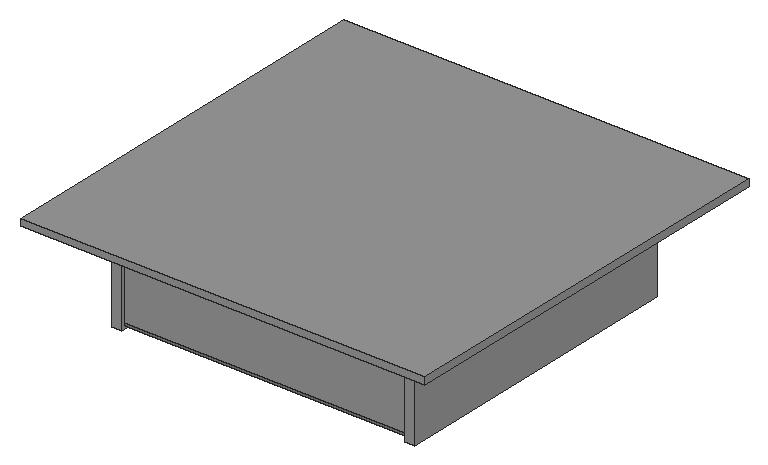
Revit family "Berica 2.0 M", category Lighting Fixtures, Revit 2020 (continued)
Definition of nested family "Light Source Berica 2.0"
  Types (4, lengths in mm): name | Photometric Web File | built-in parameter 1150142
      48.58 47.57 46.46 45.66 44.86 \r\n44.21 43.56 43.04 42.51 42.13 41.77 41.40 41.07 40.74 \r\n40.41 39.97 39.55 39.10 38.74 38.27 37.99 37.83 37.99 \r\n38.27 38.74 39.10 39.55 39.97 40.41 40.74 41.07 41.40 \r\n41.77 42.13 42.51 43.04 43.56 44.21 44.86 45.66 46.46 \r\n47.57 48.58 49.92 51.12 52.79 54.44 56.24 58.39 60.82 \r\n63.86 66.92 70.50 74.21 78.34 82.58 87.37 91.86 96.57 \r\n101.51 106.94 111.82 116.89 121.32 126.05 129.85 133.04 \r\n136.10 138.77 141.15 142.86 144.38 145.41 146.10 146.39 \r\n146.42 146.14 145.67 145.04 144.27 143.33 142.22 140.68 \r\n139.51 138.20 136.79 135.38 134.07 132.58 131.33 129.86 \r\n128.57 127.22 125.99 124.74 123.68 122.66 121.74 120.96 \r\n120.23 119.66 119.04 118.59 118.23 117.83 117.58 117.36 \r\n117.13 116.92 116.72 116.66 116.69 \r\n116.69 116.65 116.72 116.84 117.00 117.21 117.44 117.62 \r\n117.91 118.22 118.61 119.07 119.55 120.12 120.80 121.60 \r\n122.43 123.33 124.27 125.40 126.44 127.59 128.69 129.94 \r\n131.17 132.39 133.66 134.92 136.12 137.18 138.68 139.75 \r\n140.68 141.51 142.25 142.81 143.25 143.43 143.44 143.19 \r\n142.55 141.58 140.11 138.39 136.23 133.59 130.59 127.27 \r\n123.62 119.42 115.04 110.16 105.27 100.36 95.60 90.65 \r\n86.27 81.84 77.48 73.36 69.78 66.15 62.98 60.04 57.27 \r\n55.07 53.11 51.43 49.76 48.34 47.04 45.93 44.86 43.93 \r\n43.13 42.35 41.68 41.10 40.56 40.12 39.70 39.34 38.95 \r\n38.53 38.12 37.66 37.22 36.78 36.36 36.00 35.89 36.00 \r\n36.36 36.78 37.22 37.66 38.12 38.53 38.95 39.34 39.70 \r\n40.12 40.56 41.10 41.68 42.35 43.13 43.93 44.86 45.93 \r\n47.04 48.34 49.76 51.43 53.11 55.07 57.27 60.04 62.98 \r\n66.15 69.78 73.36 77.48 81.84 86.27 90.65 95.60 100.36 \r\n105.27 110.16 115.04 119.42 123.62 127.27 130.59 133.59 \r\n136.23 138.39 140.11 141.58 142.55 143.19 143.44 143.43 \r\n143.25 142.81 142.25 141.51 140.68 139.75 138.68 137.18 \r\n136.12 134.92 133.66 132.39 131.17 129.94 128.69 127.59 \r\n126.44 125.40 124.27 123.33 122.43 121.60 120.80 120.12 \r\n119.55 119.07 118.61 118.22 117.91 117.62 117.44 117.21 \r\n117.00 116.84 116.72 116.65 116.69 \r\n116.69 116.64 116.69 116.83 116.95 117.11 117.26 117.43 \r\n117.59 117.84 118.19 118.56 118.87 119.31 119.85 120.49 \r\n121.15 121.83 122.64 123.35 124.26 125.05 126.03 127.08 \r\n128.13 129.11 130.19 131.22 132.29 133.34 134.70 135.60 \r\n136.44 137.31 138.07 138.71 139.22 139.65 139.89 139.87 \r\n139.63 139.01 138.13 136.94 135.18 133.04 130.63 127.86 \r\n124.56 121.39 117.20 113.02 108.41 103.79 98.77 94.50 \r\n89.62 85.41 80.89 76.73 72.69 68.87 65.42 62.04 59.07 \r\n56.36 53.75 51.79 49.95 48.29 46.75 45.23 44.00 42.87 \r\n41.90 40.94 40.20 39.51 38.85 38.26 37.81 37.30 36.89 \r\n36.42 35.95 35.50 34.99 34.56 34.14 33.76 33.59 33.76 \r\n34.14 34.56 34.99 35.50 35.95 36.42 36.89 37.30 37.81 \r\n38.26 38.85 39.51 40.20 40.94 41.90 42.87 44.00 45.23 \r\n46.75 48.29 49.95 51.79 53.75 56.36 59.07 62.04 65.42 \r\n68.87 72.69 76.73 80.89 85.41 89.62 94.50 98.77 103.79 \r\n108.41 113.02 117.20 121.39 124.56 127.86 130.63 133.04 \r\n135.18 136.94 138.13 139.01 139.63 139.87 139.89 139.65 \r\n139.22 138.71 138.07 137.31 136.44 135.60 134.70 133.34 \r\n132.29 131.22 130.19 129.11 128.13 127.08 126.03 125.05 \r\n124.26 123.35 122.64 121.83 121.15 120.49 119.85 119.31 \r\n118.87 118.56 118.19 117.84 117.59 117.43 117.26 117.11 \r\n116.95 116.83 116.69 116.64 116.69 \r\n116.69 116.61 116.66 116.74 116.79 116.85 116.97 117.12 \r\n117.19 117.36 117.60 117.87 118.11 118.42 118.82 119.22 \r\n119.73 120.16 120.62 121.18 121.79 122.42 123.10 123.82 \r\n124.68 125.47 126.29 127.15 127.99 128.80 130.04 130.85 \r\n131.67 132.42 133.07 133.74 134.30 134.72 135.01 135.15 \r\n135.12 134.83 134.28 133.54 132.48 130.93 129.24 127.25 \r\n124.55 121.75 118.47 114.74 110.68 106.48 102.17 97.92 \r\n93.21 88.84 84.54 80.26 76.00 71.90 68.06 64.70 61.28 \r\n58.24 55.27 52.70 50.44 48.31 46.44 44.87 43.33 41.90 \r\n40.70 39.54 38.62 37.70 36.93 36.30 35.63 35.05 34.56 \r\n34.01 33.55 33.05 32.54 32.06 31.57 31.22 31.04 31.22 \r\n31.57 32.06 32.54 33.05 33.55 34.01 34.56 35.05 35.63 \r\n36.30 36.93 37.70 38.62 39.54 40.70 41.90 43.33 44.87 \r\n46.44 48.31 50.44 52.70 55.27 58.24 61.28 64.70 68.06 \r\n71.90 76.00 80.26 84.54 88.84 93.21 97.92 102.17 106.48 \r\n110.68 114.74 118.47 121.75 124.55 127.25 129.24 130.93 \r\n132.48 133.54 134.28 134.83 135.12 135.15 135.01 134.72 \r\n134.30 133.74 133.07 132.42 131.67 130.85 130.04 128.80 \r\n127.99 127.15 126.29 125.47 124.68 123.82 123.10 122.42 \r\n121.79 121.18 120.62 120.16 119.73 119.22 118.82 118.42 \r\n118.11 117.87 117.60 117.36 117.19 117.12 116.97 116.85 \r\n116.79 116.74 116.66 116.61 116.69 \r\n116.69 116.67 116.68 116.75 116.78 116.79 116.85 116.91 \r\n116.98 117.03 117.19 117.33 117.53 117.71 117.93 118.17 \r\n118.36 118.66 118.91 119.15 119.52 119.90 120.35 120.81 \r\n121.34 121.83 122.41 122.91 123.57 124.18 125.24 125.86 \r\n126.49 126.95 127.42 127.86 128.31 128.69 128.98 129.15 \r\n129.15 129.07 128.82 128.38 127.71 126.75 125.54 124.03 \r\n122.19 119.89 117.43 114.68 111.18 107.75 103.52 99.89 \r\n95.47 91.47 87.28 83.13 78.71 74.85 70.81 66.99 63.64 \r\n60.09 57.09 54.02 51.36 48.58 46.47 44.30 42.69 40.91 \r\n39.45 38.09 36.90 35.80 34.83 34.00 33.22 32.45 31.85 \r\n31.35 30.78 30.30 29.73 29.25 28.75 28.36 28.25 28.36 \r\n28.75 29.25 29.73 30.30 30.78 31.35 31.85 32.45 33.22 \r\n34.00 34.83 35.80 36.90 38.09 39.45 40.91 42.69 44.30 \r\n46.47 48.58 51.36 54.02 57.09 60.09 63.64 66.99 70.81 \r\n74.85 78.71 83.13 87.28 91.47 95.47 99.89 103.52 107.75 \r\n111.18 114.68 117.43 119.89 122.19 124.03 125.54 126.75 \r\n127.71 128.38 128.82 129.07 129.15 129.15 128.98 128.69 \r\n128.31 127.86 127.42 126.95 126.49 125.86 125.24 124.18 \r\n123.57 122.91 122.41 121.83 121.34 120.81 120.35 119.90 \r\n119.52 119.15 118.91 118.66 118.36 118.17 117.93 117.71 \r\n117.53 117.33 117.19 117.03 116.98 116.91 116.85 116.79 \r\n116.78 116.75 116.68 116.67 116.69 \r\n116.69 116.67 116.64 116.65 116.64 116.60 116.58 116.63 \r\n116.62 116.66 116.70 116.75 116.83 116.83 116.89 116.98 \r\n117.06 117.12 117.14 117.17 117.23 117.41 117.60 117.73 \r\n117.91 118.11 118.32 118.65 118.92 119.24 119.93 120.24 \r\n120.53 120.82 121.10 121.34 121.59 121.72 121.87 121.92 \r\n121.89 121.81 121.63 121.39 120.86 120.19 119.30 118.29 \r\n116.98 115.36 113.36 111.18 108.69 105.63 102.81 99.08 \r\n95.70 91.84 88.06 84.03 80.27 76.47 72.47 68.55 65.03 \r\n61.67 58.12 55.10 52.01 49.28 46.39 44.08 41.68 39.84 \r\n38.09 36.49 35.04 33.69 32.48 31.46 30.51 29.73 29.07 \r\n28.39 27.80 27.13 26.60 26.09 25.54 25.18 25.03 25.18 \r\n25.54 26.09 26.60 27.13 27.80 28.39 29.07 29.73 30.51 \r\n31.46 32.48 33.69 35.04 36.49 38.09 39.84 41.68 44.08 \r\n46.39 49.28 52.01 55.10 58.12 61.67 65.03 68.55 72.47 \r\n76.47 80.27 84.03 88.06 91.84 95.70 99.08 102.81 105.63 \r\n108.69 111.18 113.36 115.36 116.98 118.29 119.30 120.19 \r\n120.86 121.39 121.63 121.81 121.89 121.92 121.87 121.72 \r\n121.59 121.34 121.10 120.82 120.53 120.24 119.93 119.24 \r\n118.92 118.65 118.32 118.11 117.91 117.73 117.60 117.41 \r\n117.23 117.17 117.14 117.12 117.06 116.98 116.89 116.83 \r\n116.83 116.75 116.70 116.66 116.62 116.63 116.58 116.60 \r\n116.64 116.65 116.64 116.67 116.69 \r\n116.69 116.70 116.70 116.68 116.64 116.53 116.44 116.40 \r\n116.41 116.38 116.35 116.27 116.20 116.10 115.99 115.94 \r\n115.85 115.72 115.63 115.47 115.36 115.24 115.15 114.97 \r\n114.81 114.74 114.70 114.69 114.62 114.55 114.78 114.73 \r\n114.67 114.66 114.66 114.55 114.46 114.34 114.23 114.07 \r\n113.85 113.62 113.35 112.94 112.41 111.80 111.05 110.13 \r\n109.00 107.86 106.29 104.60 102.55 100.43 97.90 95.03 \r\n92.20 89.24 85.87 82.40 78.98 75.49 72.03 68.54 64.98 \r\n61.53 58.31 54.99 52.05 49.04 46.25 43.52 41.14 38.61 \r\n36.49 34.74 33.01 31.39 30.04 28.76 27.71 26.72 25.89 \r\n25.10 24.38 23.77 23.12 22.62 22.08 21.70 21.50 21.70 \r\n22.08 22.62 23.12 23.77 24.38 25.10 25.89 26.72 27.71 \r\n28.76 30.04 31.39 33.01 34.74 36.49 38.61 41.14 43.52 \r\n46.25 49.04 52.05 54.99 58.31 61.53 64.98 68.54 72.03 \r\n75.49 78.98 82.40 85.87 89.24 92.20 95.03 97.90 100.43 \r\n102.55 104.60 106.29 107.86 109.00 110.13 111.05 111.80 \r\n112.41 112.94 113.35 113.62 113.85 114.07 114.23 114.34 \r\n114.46 114.55 114.66 114.66 114.67 114.73 114.78 114.55 \r\n114.62 114.69 114.70 114.74 114.81 114.97 115.15 115.24 \r\n115.36 115.47 115.63 115.72 115.85 115.94 115.99 116.10 \r\n116.20 116.27 116.35 116.38 116.41 116.40 116.44 116.53 \r\n116.64 116.68 116.70 116.70 116.69 \r\n116.69 116.65 116.63 116.60 116.50 116.38 116.22 116.12 \r\n115.99 115.95 115.88 115.73 115.54 115.34 115.07 114.89 \r\n114.73 114.46 114.19 113.88 113.51 113.19 112.88 112.51 \r\n112.15 111.75 111.33 110.97 110.50 110.05 109.93 109.52 \r\n109.11 108.73 108.27 107.86 107.41 106.98 106.51 106.00 \r\n105.56 104.99 104.38 103.74 102.97 102.23 101.45 100.50 \r\n99.42 98.16 96.75 95.22 93.56 91.69 89.86 87.55 85.28 \r\n82.73 80.13 77.50 74.44 71.51 68.47 65.24 62.30 59.42 \r\n56.20 53.21 50.21 47.49 44.55 42.01 39.38 37.07 34.78 \r\n32.68 30.77 28.87 27.21 25.94 24.64 23.47 22.50 21.59 \r\n20.92 20.13 19.46 18.85 18.35 17.95 17.80 17.95 18.35 \r\n18.85 19.46 20.13 20.92 21.59 22.50 23.47 24.64 25.94 \r\n27.21 28.87 30.77 32.68 34.78 37.07 39.38 42.01 44.55 \r\n47.49 50.21 53.21 56.20 59.42 62.30 65.24 68.47 71.51 \r\n74.44 77.50 80.13 82.73 85.28 87.55 89.86 91.69 93.56 \r\n95.22 96.75 98.16 99.42 100.50 101.45 102.23 102.97 \r\n103.74 104.38 104.99 105.56 106.00 106.51 106.98 107.41 \r\n107.86 108.27 108.73 109.11 109.52 109.93 110.05 110.50 \r\n110.97 111.33 111.75 112.15 112.51 112.88 113.19 113.51 \r\n113.88 114.19 114.46 114.73 114.89 115.07 115.34 115.54 \r\n115.73 115.88 115.95 115.99 116.12 116.22 116.38 116.50 \r\n116.60 116.63 116.65 116.69 \r\n116.69 116.66 116.70 116.67 116.53 116.33 116.12 115.97 \r\n115.82 115.69 115.49 115.31 115.06 114.76 114.42 114.07 \r\n113.80 113.46 113.03 112.59 112.06 111.48 110.97 110.35 \r\n109.78 109.24 108.56 107.95 107.15 106.45 106.00 105.20 \r\n104.51 103.72 102.96 102.20 101.39 100.52 99.67 98.69 \r\n97.77 96.80 95.79 94.82 93.84 92.67 91.59 90.36 89.06 \r\n87.70 86.18 84.74 83.05 81.25 79.41 77.49 75.42 73.45 \r\n71.13 68.91 66.48 63.92 61.53 58.94 56.38 53.86 51.19 \r\n48.71 46.15 43.52 41.05 38.55 36.27 34.06 31.87 29.86 \r\n27.94 26.00 24.38 22.76 21.40 20.10 19.03 18.05 17.19 \r\n16.35 15.57 14.95 14.39 13.99 13.88 13.99 14.39 14.95 \r\n15.57 16.35 17.19 18.05 19.03 20.10 21.40 22.76 24.38 \r\n26.00 27.94 29.86 31.87 34.06 36.27 38.55 41.05 43.52 \r\n46.15 48.71 51.19 53.86 56.38 58.94 61.53 63.92 66.48 \r\n68.91 71.13 73.45 75.42 77.49 79.41 81.25 83.05 84.74 \r\n86.18 87.70 89.06 90.36 91.59 92.67 93.84 94.82 95.79 \r\n96.80 97.77 98.69 99.67 100.52 101.39 102.20 102.96 \r\n103.72 104.51 105.20 106.00 106.45 107.15 107.95 108.56 \r\n109.24 109.78 110.35 110.97 111.48 112.06 112.59 113.03 \r\n113.46 113.80 114.07 114.42 114.76 115.06 115.31 115.49 \r\n115.69 115.82 115.97 116.12 116.33 116.53 116.67 116.70 \r\n116.66 116.69 \r\n116.69 116.65 116.64 116.56 116.47 116.21 115.95 115.75 \r\n115.52 115.33 115.05 114.83 114.52 114.16 113.67 113.29 \r\n112.91 112.45 111.98 111.42 110.84 110.12 109.43 108.73 \r\n107.98 107.18 106.36 105.50 104.50 103.53 102.78 101.87 \r\n100.88 99.79 98.73 97.75 96.53 95.42 94.14 92.87 91.55 \r\n90.14 88.72 87.37 85.91 84.40 83.03 81.28 79.82 78.07 \r\n76.35 74.53 72.79 70.81 69.01 66.97 65.10 63.05 61.00 \r\n58.85 56.75 54.69 52.47 50.21 47.97 45.84 43.71 41.62 \r\n39.53 37.45 35.32 33.35 31.45 29.48 27.61 25.75 24.11 \r\n22.33 20.83 19.29 18.00 16.71 15.53 14.47 13.51 12.56 \r\n11.81 11.04 10.42 10.03 9.85 10.03 10.42 11.04 11.81 \r\n12.56 13.51 14.47 15.53 16.71 18.00 19.29 20.83 22.33 \r\n24.11 25.75 27.61 29.48 31.45 33.35 35.32 37.45 39.53 \r\n41.62 43.71 45.84 47.97 50.21 52.47 54.69 56.75 58.85 \r\n61.00 63.05 65.10 66.97 69.01 70.81 72.79 74.53 76.35 \r\n78.07 79.82 81.28 83.03 84.40 85.91 87.37 88.72 90.14 \r\n91.55 92.87 94.14 95.42 96.53 97.75 98.73 99.79 100.88 \r\n101.87 102.78 103.53 104.50 105.50 106.36 107.18 107.98 \r\n108.73 109.43 110.12 110.84 111.42 111.98 112.45 112.91 \r\n113.29 113.67 114.16 114.52 114.83 115.05 115.33 115.52 \r\n115.75 115.95 116.21 116.47 116.56 116.64 116.65 116.69 \r\n116.69 116.66 116.67 116.64 116.48 116.23 115.94 115.67 \r\n115.40 115.14 114.89 114.58 114.14 113.78 113.28 112.79 \r\n112.23 111.74 111.14 110.51 109.78 109.08 108.32 107.50 \r\n106.67 105.77 104.81 103.71 102.76 101.53 100.66 99.46 \r\n98.31 97.11 95.83 94.45 93.18 91.80 90.23 88.72 86.98 \r\n85.56 83.71 82.03 80.19 78.39 76.56 74.84 72.70 70.91 \r\n68.78 66.76 64.74 62.66 60.62 58.59 56.56 54.33 52.26 \r\n50.11 48.19 45.90 43.96 41.89 39.93 37.99 36.25 34.27 \r\n32.46 30.60 28.84 27.26 25.54 24.10 22.52 21.00 19.49 \r\n18.15 16.69 15.50 14.06 13.01 11.89 10.87 9.87 8.98 8.09 \r\n7.29 6.60 6.10 5.98 6.10 6.60 7.29 8.09 8.98 9.87 10.87 \r\n11.89 13.01 14.06 15.50 16.69 18.15 19.49 21.00 22.52 \r\n24.10 25.54 27.26 28.84 30.60 32.46 34.27 36.25 37.99 \r\n39.93 41.89 43.96 45.90 48.19 50.11 52.26 54.33 56.56 \r\n58.59 60.62 62.66 64.74 66.76 68.78 70.91 72.70 74.84 \r\n76.56 78.39 80.19 82.03 83.71 85.56 86.98 88.72 90.23 \r\n91.80 93.18 94.45 95.83 97.11 98.31 99.46 100.66 101.53 \r\n102.76 103.71 104.81 105.77 106.67 107.50 108.32 109.08 \r\n109.78 110.51 111.14 111.74 112.23 112.79 113.28 113.78 \r\n114.14 114.58 114.89 115.14 115.40 115.67 115.94 116.23 \r\n116.48 116.64 116.67 116.66 116.69 \r\n116.69 116.66 116.67 116.58 116.39 116.20 115.88 115.61 \r\n115.32 115.03 114.72 114.36 113.94 113.44 113.01 112.46 \r\n111.93 111.35 110.73 109.99 109.18 108.38 107.61 106.70 \r\n105.74 104.75 103.71 102.69 101.42 100.23 99.17 97.92 \r\n96.61 95.33 93.94 92.50 91.00 89.41 87.85 86.00 84.34 \r\n82.67 80.79 78.86 76.99 74.79 72.89 70.75 68.72 66.50 \r\n64.25 61.99 59.94 57.56 55.48 53.20 50.95 48.87 46.48 \r\n44.52 42.41 40.28 38.19 36.31 34.18 32.53 30.54 28.86 \r\n27.07 25.33 23.76 22.25 20.75 19.32 17.95 16.53 15.29 \r\n13.89 12.75 11.60 10.51 9.38 8.41 7.40 6.51 5.59 4.72 \r\n3.94 3.22 2.73 2.56 2.73 3.22 3.94 4.72 5.59 6.51 7.40 \r\n8.41 9.38 10.51 11.60 12.75 13.89 15.29 16.53 17.95 19.32 \r\n20.75 22.25 23.76 25.33 27.07 28.86 30.54 32.53 34.18 \r\n36.31 38.19 40.28 42.41 44.52 46.48 48.87 50.95 53.20 \r\n55.48 57.56 59.94 61.99 64.25 66.50 68.72 70.75 72.89 \r\n74.79 76.99 78.86 80.79 82.67 84.34 86.00 87.85 89.41 \r\n91.00 92.50 93.94 95.33 96.61 97.92 99.17 100.23 101.42 \r\n102.69 103.71 104.75 105.74 106.70 107.61 108.38 109.18 \r\n109.99 110.73 111.35 111.93 112.46 113.01 113.44 113.94 \r\n114.36 114.72 115.03 115.32 115.61 115.88 116.20 116.39 \r\n116.58 116.67 116.66 116.69 \r\n116.69 116.69 116.73 116.65 116.53 116.31 116.02 115.68 \r\n115.39 115.13 114.82 114.43 114.05 113.55 113.00 112.45 \r\n111.98 111.38 110.74 110.03 109.15 108.27 107.39 106.63 \r\n105.60 104.64 103.50 102.38 101.19 99.98 98.78 97.44 \r\n96.08 94.67 93.38 91.80 90.25 88.56 86.85 85.06 83.34 \r\n81.37 79.59 77.55 75.54 73.33 71.26 69.10 66.87 64.69 \r\n62.41 60.11 57.62 55.31 52.93 50.84 48.40 46.14 43.94 \r\n41.75 39.51 37.39 35.27 33.32 31.17 29.44 27.70 25.86 \r\n24.16 22.45 20.82 19.26 17.79 16.32 15.08 13.67 12.46 \r\n11.15 10.09 8.85 7.88 6.82 5.91 4.97 4.09 3.26 2.46 1.71 \r\n1.08 0.60 0.46 0.60 1.08 1.71 2.46 3.26 4.09 4.97 5.91 \r\n6.82 7.88 8.85 10.09 11.15 12.46 13.67 15.08 16.32 17.79 \r\n19.26 20.82 22.45 24.16 25.86 27.70 29.44 31.17 33.32 \r\n35.27 37.39 39.51 41.75 43.94 46.14 48.40 50.84 52.93 \r\n55.31 57.62 60.11 62.41 64.69 66.87 69.10 71.26 73.33 \r\n75.54 77.55 79.59 81.37 83.34 85.06 86.85 88.56 90.25 \r\n91.80 93.38 94.67 96.08 97.44 98.78 99.98 101.19 102.38 \r\n103.50 104.64 105.60 106.63 107.39 108.27 109.15 110.03 \r\n110.74 111.38 111.98 112.45 113.00 113.55 114.05 114.43 \r\n114.82 115.13 115.39 115.68 116.02 116.31 116.53 116.65 \r\n116.73 116.69 116.69 \r\n116.69 116.68 116.66 116.58 116.45 116.17 115.93 115.59 \r\n115.26 114.94 114.61 114.34 113.81 113.36 112.73 112.25 \r\n111.72 111.09 110.47 109.79 108.93 108.06 107.21 106.34 \r\n105.45 104.40 103.26 102.13 100.85 99.55 98.46 97.05 \r\n95.79 94.26 92.81 91.25 89.67 88.04 86.45 84.70 82.81 \r\n81.05 78.97 77.16 74.99 73.04 70.85 68.66 66.32 64.31 \r\n61.66 59.54 57.02 54.66 52.52 49.92 47.74 45.35 43.08 \r\n40.78 38.76 36.36 34.37 32.30 30.28 28.34 26.42 24.67 \r\n22.86 21.24 19.57 18.03 16.45 15.10 13.52 12.28 10.91 \r\n9.75 8.55 7.55 6.59 5.69 4.80 3.99 3.22 2.45 1.76 1.11 \r\n0.62 0.25 0.14 0.25 0.62 1.11 1.76 2.45 3.22 3.99 4.80 \r\n5.69 6.59 7.55 8.55 9.75 10.91 12.28 13.52 15.10 16.45 \r
